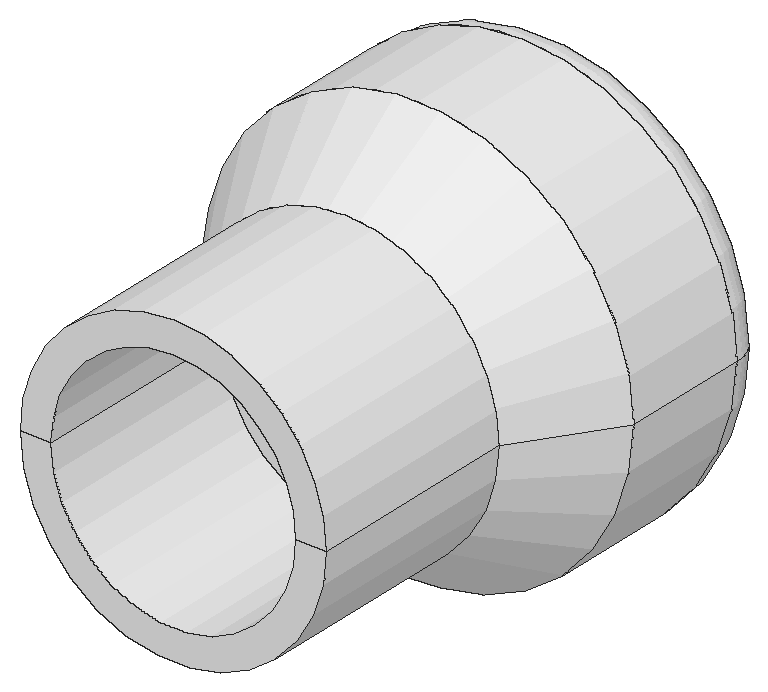
Revit family "Piesa capat de ventilatie cu membrana DN40", category Pipe Fittings, Revit 2019
Family settings
  Round Connector Dimension = Use Diameter
  Part Type = Cap
  OmniClass Number = 23.60.30.11.14
  OmniClass Title = Pipework Fittings
  Work Plane-Based = No
  Always vertical = No
  Cut with Voids When Loaded = No
  Shared = No
Parameters
  URL = "https://www.teraplast.ro/"
  Revizie [instance] = 1
  Material [instance] = PP (Polipropilena)
  Manufacturer = "Teraplast"
  M2 [instance] = 78.00 mm
  M1 [instance] = 50.00 mm
  M [instance] = 35.00 mm
  LookupTable [instance] = ""
  Garnitura [instance] = 0
  Description = "Sistem de tevi si fitinguri din PP pentru canalizari interioare."
  DN1 [instance] = 40.00 mm
  DN [instance] = 50.00 mm
  D [instance] = 70.00 mm
  Cod Articol Teraplast [instance] = "FPE0169"
Reference planes
  plane 1 "Center (Front/Back)": y = 0
  plane 2: z = 0
  plane 3 "Center (Left/Right)": x = 0
  plane 4: x = -25
  plane 5: x = 25
  plane 6: y = 35
  plane 7: y = 78
  plane 8: y = 50
  plane 9: x = -35
  plane 10: x = 35
  plane 11: x = -20
  plane 12: x = 20
Forms (mm)
  Revolve 1, solid, material "White"
    sketch origin (0, 0, 0) x (1, 0, 0) y (0, 1, 0)
      loop
        line (0, 0) -> (0, 78) -> (-28, 78)
        arc (-28, 78) -> (-32.95, 75.95) -> (-35, 71) r 7
        line (-35, 71) -> (-35, 50) -> (-25, 35) -> (-25, 0) -> (0, 0)
      axis (0, 78) -> (0, 0)
    angle from 0 to 360
  Revolve 2, void
    sketch origin (0, 0, 0) x (1, 0, 0) y (0, 1, 0)
      loop
        line (-20, 35) -> (-20, 0) -> (0, 0) -> (0, 35) -> (-20, 35)
      axis (0, 35) -> (0, 0)
    angle from 0 to 360
Cuts and joins
  Revolve 2 cuts Revolve 1
Dimensions and locks
  equal spacing: plane 4, plane 3 "Center (Left/Right)", plane 5
  "DN": plane 4 to plane 5
  "M": plane 1 "Center (Front/Back)" to plane 6
  equal spacing: plane 9, plane 3 "Center (Left/Right)", plane 10
  "D": plane 9 to plane 10
  "M1": plane 1 "Center (Front/Back)" to plane 8
  "M2": plane 1 "Center (Front/Back)" to plane 7
  equal spacing: plane 11, plane 3 "Center (Left/Right)", plane 12
  "DN1": plane 11 to plane 12
  radius of Revolve 1 sketch curve = 7.00 mm
  aligned and locked: level to plane 2
  aligned and locked: Revolve 1 sketch curve to plane 1 "Center (Front/Back)"
  aligned and locked: Revolve 1 sketch curve to plane 3 "Center (Left/Right)"
  aligned and locked: plane 9 to Revolve 1 sketch curve
  aligned and locked: plane 8 to Revolve 1 sketch curve
  aligned and locked: plane 6 to Revolve 1 sketch curve
  aligned and locked: plane 4 to Revolve 1 sketch curve
  aligned and locked: plane 7 to Revolve 1 sketch curve
  aligned and locked: plane 6 to Revolve 2 sketch curve
  aligned and locked: plane 11 to Revolve 2 sketch curve
  aligned and locked: Revolve 2 sketch curve to Revolve 1
  aligned and locked: Revolve 2 sketch curve to plane 3 "Center (Left/Right)"
Automatic sketch dimensions
  Revolve 1 sketch curve to plane 3 "Center (Left/Right)" = 0.00 mm
  plane 1 "Center (Front/Back)" to Revolve 1 sketch curve = 2000.00 mm
  Revolve 1 sketch curve to plane 7 = 1895.00 mm
Connectors
  piping at (0, 35, 0), diameter 40, driven by "DN1"
    settings: on cut or joined group of Revolve 1, Revolve 2, index 1, connector inside diameter 609.6 mm, connector length 0.00 mm, flow factor 0, pipe flow 0.0 L/s, pressure drop 0.0 Pa, fitting loss kfactor 0, connector angle 0.00°, fixture units 0, engagement length 0.00 mm, angle of deflection 0.00°, flow configuration 0, flow direction 0, fitting loss method 0, system type 16, joint type 0, gender type 0, connector reference index -1, connector utility 0, adjustable connector no, is connector primary yes, connector description ""
